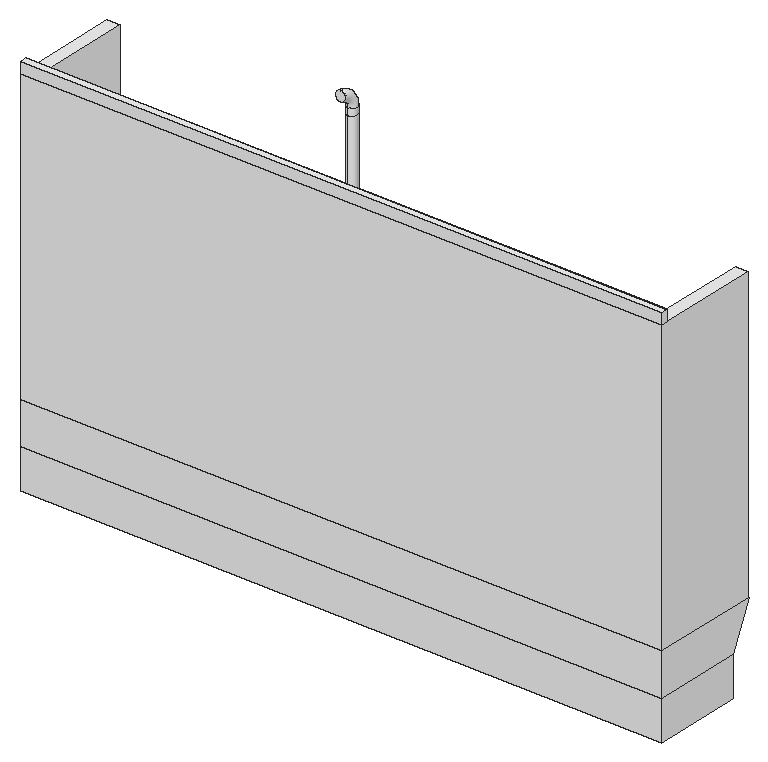
Revit family
Parameters (values of type "Longueur de 1800 mm")
  Hauteur du tube d'alimentation en eau = 200 mm
  Nombre de robinet = Longueur / 600 mm  # 3
  Matériau = Porcelaine - Blanche
  Manufacturer = ""
  Longueur = 1800 mm
  Assembly Code = ""
Types (2, lengths in mm): name | Nombre de robinet | Longueur
  Longueur de 1200 mm | 2 | 1200
  Longueur de 1800 mm | 3 | 1800
Reference planes
  plane 1: y = 0
  plane 2 "Centre (gauche/droite)": x = 125
  plane 3 "Arrière": y = 75
  plane 4: x = -775
  plane 5: x = 1025
  plane 6: z = 1050
  plane 7: z = 230
  plane 8: z = 110
  plane 9: z = 170
  plane 10: x = 625
  plane 11: x = -375
  plane 12: z = 1250
  plane 13: x = 2073.426
Forms (mm)
  Extrusion 1, solid, material "Porcelaine - Blanche" <- "Matériau"
    sketch origin (0, 0, 0) x (1, 0, 0) y (0, 1, 0)
      loop
        line (989.438, 137.925) -> (-739.438, 137.925) -> (-739.438, 380) -> (-775, 380) -> (-775, 75) -> (1025, 75) -> (1025, 380) -> (989.438, 380) -> (989.438, 137.925)
    from 230 to 1050
  Extrusion 2, solid, material "Porcelaine - Blanche" <- "Matériau"
    sketch origin (0, 0, -1000) x (1, 0, 0) y (0, 1, 0)
      loop
        line (989.438, 137.925) -> (-739.438, 137.925) -> (-739.438, 325.85) -> (-775, 325.85) -> (-775, 75) -> (1025, 75) -> (1025, 325.85) -> (989.438, 325.85) -> (989.438, 137.925)
    from 1000 to 1110
  Blend 3, solid, material "Porcelaine - Blanche" <- "Matériau"
    base sketch origin (0, 0, 110) x (0, 1, 0) y (-1, 0, 0)
      loop
        line (75, 775) -> (75, -1025) -> (325.85, -1025) -> (325.85, -989.438) -> (137.925, -989.438) -> (137.925, 739.438) -> (325.85, 739.438) -> (325.85, 775) -> (75, 775)
    top sketch origin (0, 0, 110) x (0, 1, 0) y (-1, 0, 0)
      loop
        line (75, 775) -> (75, -1025) -> (380, -1025) -> (380, -989.438) -> (137.925, -989.438) -> (137.925, 739.438) -> (380, 739.438) -> (380, 775) -> (75, 775)
    from 0 to 120
  Extrusion 4, solid, material "Porcelaine - Blanche" <- "Matériau"
    sketch origin (989.438, 380, 1050) x (0, 0, -1) y (0, -1, 0)
      loop
        line (1050, 54.15) -> (1050, 64.15) -> (937.848, 64.15) -> (817.848, 10) -> (751.32, 10) -> (751.32, 0) -> (820, 0) -> (940, 54.15) -> (1050, 54.15)
    from 0 to 1728.876
  Extrusion 5, solid, material "Porcelaine - Blanche" <- "Matériau"
    sketch origin (0, 0, 110) x (0, 1, 0) y (1, 0, 0)
      loop
        circle (114.195, 125) r 14
    from -1140 to -940
  Sweep 6, solid, material "Porcelaine - Blanche" <- "Matériau"
    path origin (125, 0, 0) x (0, 1, 0) y (0, 0, 1)
      loop
        line (114.195, 1250) -> (114.195, 1270)
        arc (114.195, 1270) -> (102.715, 1297.715) -> (75, 1309.195) r 39.195
    profile origin (0, 0, 1260) x (0, -1, 0) y (1, 0, 0)
      loop
        circle (-114.195, 125) r 14
  Blend 7, solid, material "Porcelaine - Blanche" <- "Matériau"
    base sketch origin (989.438, 380, 1050) x (0, 0, -1) y (0, -1, 0)
      loop
        line (820, 10.971) -> (829.115, 15.084) -> (829.115, 242.075) -> (820, 242.075) -> (820, 10.971)
    top sketch origin (989.438, 380, 1050) x (0, 0, -1) y (0, -1, 0)
      loop
        line (880, 38.046) -> (880, 242.075) -> (870.885, 242.075) -> (870.885, 33.933) -> (880, 38.046)
    from 0 to 1728.876
  Extrusion 8, void
    sketch origin (0, 0, 110) x (1, 0, 0) y (0, 1, 0)
      loop
        circle (-626.574, 242.267) r 46.43
    from 0 to 164.514
  Extrusion 9, solid, material "Porcelaine - Blanche" <- "Matériau"
    sketch origin (0, 0, 0) x (1, 0, 0) y (0, 1, 0)
      loop
        line (-739.438, 315.85) -> (-739.438, 137.925) -> (989.438, 137.925) -> (989.438, 315.85) -> (-739.438, 315.85)
    from 0 to 18
  Extrusion 10, solid, material "Porcelaine - Blanche" <- "Matériau"
    sketch origin (989.438, 137.925, 1050) x (0, -1, 0) y (1, 0, 0)
      loop
        line (62.925, -1764.438) -> (62.925, 35.562) -> (42.925, 35.562) -> (42.925, -1764.438) -> (62.925, -1764.438)
    from 29.857 to 0
Cuts and joins
  Extrusion 8 cuts Extrusion 1
  Extrusion 8 cuts Extrusion 5
  Extrusion 8 cuts Blend 7
  Extrusion 8 cuts Blend 3
  Extrusion 8 cuts Extrusion 2
  Extrusion 8 cuts Extrusion 4
  Extrusion 8 cuts Sweep 6
Lines and regions (mm)
  Masking region 1
    outline origin (989.438, 137.925, 1050) x (0, -1, 0) y (1, 0, 0)
      loop
        line (-242.075, -1764.438) -> (62.925, -1764.438) -> (62.925, 35.562) -> (-242.075, 35.562) -> (-242.075, -1764.438)
  symbolic lines
    curve 1: line (-739.438, 137.925, 1050) -> (-739.438, 380, 1050)
    curve 2: line (989.438, 137.925, 1050) -> (-739.438, 137.925, 1050)
    curve 3: line (989.438, 380, 1050) -> (989.438, 137.925, 1050)
    curve 4: line (1025, 95, 1050) -> (139, 95, 1050)
    curve 5: line (1025, 325.85, 1050) -> (-775, 325.85, 1050)
    curve 6: spline (-580.141, 242.267, 1050) -> (-581.728, 230.248, 1050) -> (-586.369, 219.049, 1050) -> (-593.748, 209.433, 1050) -> (-603.364, 202.055, 1050) -> (-614.56, 197.416, 1050) -> (-626.574, 195.835, 1050) -> (-638.588, 197.416, 1050) -> (-649.784, 202.055, 1050) -> (-659.4, 209.433, 1050) -> (-666.779, 219.049, 1050) -> (-671.42, 230.248, 1050) -> (-673.007, 242.267, 1050)
    curve 7: spline (-673.007, 242.267, 1050) -> (-671.42, 254.285, 1050) -> (-666.779, 265.484, 1050) -> (-659.4, 275.1, 1050) -> (-649.784, 282.479, 1050) -> (-638.588, 287.117, 1050) -> (-626.574, 288.699, 1050) -> (-614.56, 287.117, 1050) -> (-603.364, 282.479, 1050) -> (-593.748, 275.1, 1050) -> (-586.369, 265.484, 1050) -> (-581.728, 254.285, 1050) -> (-580.141, 242.267, 1050)
    curve 8: arc (111, 114.195, 1050) -> (125, 128.195, 1050) -> (139, 114.195, 1050) r 14
    curve 9: line (111, 114.195, 1050) -> (111, 75, 1050)
    curve 10: line (139, 114.195, 1050) -> (139, 75, 1050)
    curve 11: line (111, 95, 1050) -> (-775, 95, 1050)
Text (mm)
  text "Côté de la mise en place" at (-1787.139, 592.35, 0), in view "Niveau de réf."
  text "Côté de la mise en place" at (0, 1827.695, 2917.686), in view "Gauche"
  text "Côté de la mise en place" at (0, 562.268, 3853.606), in view "Droite"
Dimensions and locks
  locked: plane 3 "Arrière" to host wall at 0
  "Longueur": plane 4 to plane 5
  equal spacing: plane 4, plane 2 "Centre (gauche/droite)", plane 5
  locked: plane 10 to plane 5 at 400
  locked: plane 11 to plane 4 at 400
  equal spacing: group 2, group 3, group 1
  equal spacing: group 1, group 3, group 2  (x2)
  "Hauteur du tube d'alimentation en eau": plane 6 to plane 12
  locked: Blend 7 sketch curve to Blend 7 sketch curve at 9.115  (x2)
  locked: plane 3 "Arrière" to Extrusion 1 sketch curve at 62.925
  locked: plane 4 to Extrusion 1 sketch curve at 35.562
  locked: Extrusion 1 sketch curve to plane 5 at 35.562
  aligned and locked: host wall to plane 1
  aligned and locked: Extrusion 1 to plane 6
  aligned and locked: plane 7 to Extrusion 1
  aligned and locked: Extrusion 2 to level
  aligned and locked: Extrusion 2 to plane 8
  aligned and locked: Extrusion 4 to cut or joined group of Extrusion 1, Extrusion 8  (x2)
  aligned and locked: plane 10 to nested 1
  aligned and locked: plane 11 to nested 2
  aligned and locked: plane 6 to Extrusion 5
  aligned and locked: Extrusion 5 to plane 12
  aligned and locked: Sweep 6 sketch curve to Extrusion 5
  aligned and locked: Blend 7 sketch curve to plane 9
  aligned and locked: Blend 7 sketch curve to plane 7
  aligned and locked: Blend 7 sketch curve to cut or joined group of Extrusion 1, Extrusion 8
  aligned and locked: cut or joined group of Extrusion 1, Extrusion 8 to Blend 7 sketch curve
  aligned and locked: Blend 7 to cut or joined group of Extrusion 1, Extrusion 8  (x2)
  aligned and locked: cut or joined group of Extrusion 1, Extrusion 8 to Extrusion 9 sketch curve  (x2)
  aligned and locked: Extrusion 9 sketch curve to cut or joined group of Extrusion 1, Extrusion 8
  aligned and locked: nested 1 to cut or joined group of Extrusion 1, Extrusion 8
  aligned and locked: plane 3 "Arrière" to cut or joined group of Extrusion 1, Extrusion 8  (x2)
  aligned and locked: cut or joined group of Extrusion 1, Extrusion 8 to Extrusion 10 sketch curve
  aligned and locked: Extrusion 10 sketch curve to cut or joined group of Extrusion 1, Extrusion 8
  aligned and locked: Extrusion 10 sketch curve to plane 5
  aligned and locked: plane 6 to Extrusion 10
  aligned and locked: nested 2 to cut or joined group of Extrusion 1, Extrusion 8
  aligned and locked: Extrusion 1 sketch curve to plane 4
  aligned and locked: Extrusion 1 sketch curve to plane 5
  aligned and locked: plane 3 "Arrière" to Extrusion 1 sketch curve
  aligned and locked: Masking region 1 sketch curve to cut or joined group of Extrusion 1, Extrusion 8  (x2)
  aligned and locked: Masking region 1 sketch curve to cut or joined group of Extrusion 4, Extrusion 8
  aligned and locked: Masking region 1 sketch curve to Extrusion 10
  aligned and locked: curve 1 to cut or joined group of Extrusion 1, Extrusion 8
  aligned and locked: curve 2 to cut or joined group of Extrusion 1, Extrusion 8
  aligned and locked: curve 3 to cut or joined group of Extrusion 1, Extrusion 8
  aligned and locked: curve 4 to Extrusion 10
  aligned and locked: curve 5 to cut or joined group of Extrusion 4, Extrusion 8
  aligned and locked: curve 8 to cut or joined group of Sweep 6, Extrusion 8
Automatic sketch dimensions
  Extrusion 2 sketch curve to host wall = 0 mm
  Extrusion 2 sketch curve to plane 4 = 0 mm
  Extrusion 2 sketch curve to plane 5 = 0 mm
  Extrusion 2 sketch curve to plane 4 = 35.562 mm
  plane 5 to Extrusion 2 sketch curve = 35.562 mm
  host wall to Extrusion 2 sketch curve = 62.925 mm
  Extrusion 2 sketch curve to Extrusion 2 sketch curve = 187.925 mm  (x2)
  Blend 3 sketch curve to host wall = 0 mm  (x2)
  Blend 3 sketch curve to plane 5 = 0 mm  (x2)
  Blend 3 sketch curve to plane 4 = 0 mm  (x2)
  host wall to Blend 3 sketch curve = 62.925 mm  (x2)
  Blend 3 sketch curve to plane 4 = 35.562 mm  (x2)
  Blend 3 sketch curve to Blend 3 sketch curve = 187.925 mm  (x2)
  plane 5 to Blend 3 sketch curve = 35.562 mm  (x2)
  Blend 3 sketch curve to Blend 3 sketch curve = 242.075 mm  (x2)
  Extrusion 4 sketch curve to plane 7 = 0 mm
  Extrusion 4 sketch curve to plane 8 = 0 mm
  Extrusion 4 sketch curve to level = 0 mm
  Extrusion 4 sketch curve to plane 7 = 2.152 mm
  Extrusion 4 sketch curve to Extrusion 4 sketch curve = 66.528 mm
  Extrusion 4 sketch curve to plane 8 = 2.152 mm
  host wall to Extrusion 4 sketch curve = 305 mm
  Extrusion 4 sketch curve to Extrusion 4 sketch curve = 10 mm  (x2)
  Extrusion 4 sketch curve to Extrusion 4 sketch curve = 44.15 mm
  Extrusion 5 sketch curve to plane 2 "Centre (gauche/droite)" = 0 mm
  host wall to Extrusion 5 sketch curve = 39.195 mm
  Sweep 6 sketch curve to plane 3 "Arrière" = 0 mm
  Sweep 6 sketch curve to plane 12 = 0 mm
  Sweep 6 sketch curve to Sweep 6 sketch curve = 39.195 mm
  Sweep 6 sketch curve to plane 12 = 20 mm
  Extrusion 8 sketch curve to plane 4 = 101.996 mm
  Extrusion 8 sketch curve to Extrusion 8 sketch curve = 46.43 mm
  host wall to Extrusion 8 sketch curve = 167.267 mm
  Extrusion 9 sketch curve to Extrusion 9 sketch curve = 177.925 mm
  Extrusion 10 sketch curve to Extrusion 1 = 20 mm
  Extrusion 1 sketch curve to Extrusion 1 sketch curve = 242.075 mm  (x2)
  curve 1 to Extrusion 1 = 0 mm  (x3)
  curve 3 to Extrusion 1 = 0 mm
  curve 5 to Extrusion 1 = 0 mm  (x2)
  curve 11 to Extrusion 1 = 0 mm
  curve 4 to Extrusion 1 = 0 mm
  curve 10 to Extrusion 1 = 0 mm
  curve 9 to Extrusion 1 = 0 mm
  curve 5 to Extrusion 1 = 54.15 mm
  curve 7 to Extrusion 1 = 91.301 mm
  curve 7 to curve 6 = 46.412 mm  (x2)
  curve 6 to curve 7 = 0.021 mm
  curve 6 to curve 6 = 0.021 mm
  curve 6 to curve 7 = 0.041 mm
  curve 11 to Extrusion 1 = 20 mm
  Extrusion 1 to curve 6 = 66.431 mm
  curve 6 to curve 6 = 46.433 mm
  curve 4 to curve 11 = 0 mm
  radius of Extrusion 5 sketch curve = 14 mm
Nested families
  nested 1: "Robinet d'urinoir" at (625, 152.925, 920), type "Robinet d'urinoir"
  nested 2: "Robinet d'urinoir" at (-375, 152.925, 920), type "Robinet d'urinoir"
  nested 3: "Robinet d'urinoir" at (125, 152.925, 920), type "Robinet d'urinoir"
Definition of nested family "Robinet d'urinoir"
  Parameters
    Matériau = none
  Reference planes
    plane 1 "Centre (avant/arrière)": y = 0
    plane 2: z = 0
    plane 3 "Centre (gauche/droite)": x = 0
    plane 4: x = -20
    plane 5: x = 20
    plane 6: x = 0
  Forms (mm)
    Extrusion 1, solid, material <- "Matériau"
      sketch origin (0, 0, 0) x (1, 0, 0) y (0, 0, 1)
        loop
          circle (0, 0) r 20
      from 0 to 15
  Dimensions and locks
    aligned and locked: plane 6 to plane 3 "Centre (gauche/droite)"
